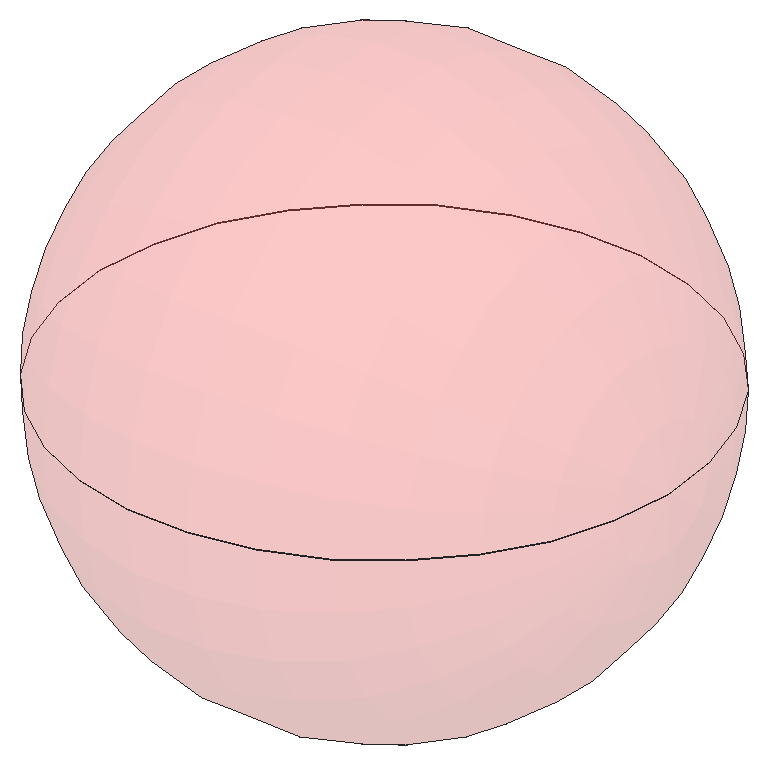
Revit family "Clash Ball (Parameter)", category Generic Models, Revit 2019
Family settings
  Can host rebar = No
  Round Connector Dimension = Use Diameter
  Part Type = Normal
  Work Plane-Based = No
  Always vertical = Yes
  Cut with Voids When Loaded = No
  Shared = No
  Room Calculation Point = No
Parameters
  Clash Number [instance] = ""
  Clash Description [instance] = ""
  Ball Size = 600 mm
  Grid Location [instance] = ""
  Clash Detection_Date [instance] = ""
  Ball Color = Sphere Color
  Assigned to [instance] = ""
  02. Reviewing [instance] = no
  05. Ball Turn On/Off [instance] = yes
  04. Resolved [instance] = no
  01. New [instance] = yes
  03. Approved [instance] = no
Reference planes
  plane 1 "Center (Front/Back)": y = 0
  plane 2: z = 0
  plane 3 "Center (Left/Right)": x = 0
Forms (mm)
  Revolve 1, solid, material "Sphere Color" <- "Ball Color", visible <- "05. Ball Turn On/Off"
    sketch origin (0, 0, 0) x (1, 0, 0) y (0, 1, 0)
      loop
        arc (600, 0) -> (0, 600) -> (-600, 0) r 600
        line (-600, 0) -> (600, 0)
      axis (-600, 0) -> (600, 0)
    angle from 0 to 360
Lines and regions (mm)
  reference lines
    curve 1: circle (0, 0, 0) r 600 normal (0, 0, 1)
Dimensions and locks
  "Ball Size": radius of curve 1
  aligned and locked: level to plane 2
  aligned and locked: Revolve 1 sketch curve to curve 1
Automatic sketch dimensions
  plane 1 "Center (Front/Back)" to Revolve 1 sketch curve = 0 mm
  Revolve 1 sketch curve to Revolve 1 sketch curve = 440 mm  (x2)
  plane 1 "Center (Front/Back)" to curve 1 = 0 mm
  curve 1 to plane 3 "Center (Left/Right)" = 0 mm
